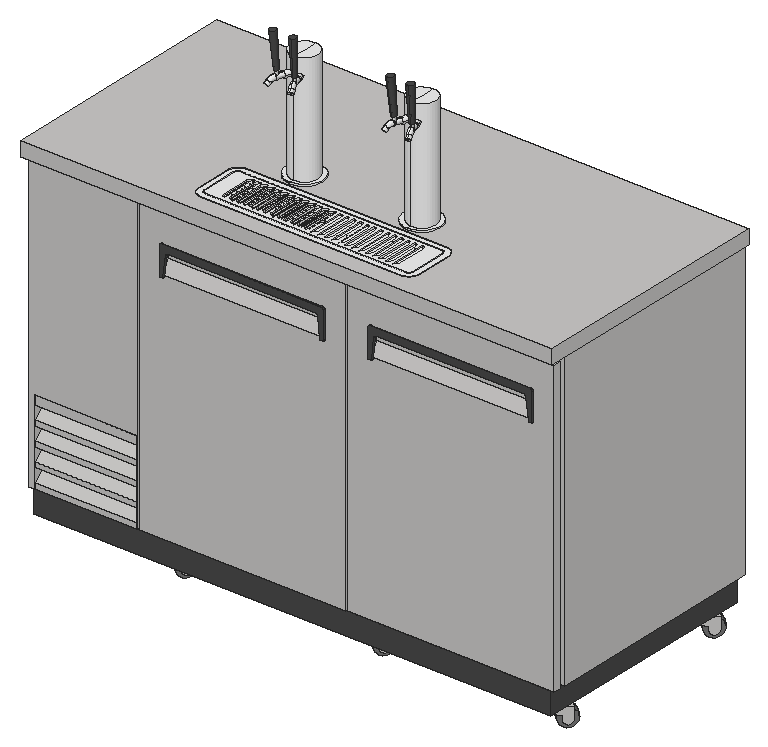
Revit family "QF_Turbo Air_TBD-2", category Specialty Equipment, Revit 2014 (continued)
Lines and regions (in)
  symbolic lines, style "QF_Clearances_Door_Drawer", detail levels coarse+medium
    curve 135: line (41.80927, -27.125, 5.5625) -> (41.80927, -48.375, 5.5625)
    curve 136: arc (41.80927, -48.375, 5.5625) -> (26.23144, -42.24159, 5.5625) -> (19.03587, -27.125, 5.5625) r 22.8125
Dimensions and locks (in)
  locked: plane 4 "RIGHT" to plane 3 "LEFT" at 58.75
  locked: plane 5 "FRONT" to plane 1 "BACK" at 27.125
  locked: plane 1 "BACK" to plane 6 "Bumber Back" at 2
  "CasterLeg Height": plane 7 "Bottom" to level
  locked: plane 8 "Counter Top" to plane 7 "Bottom" at 37
  locked: plane 8 "Counter Top" to plane 9 "Counter Bottom" at 1.5625
  locked: plane 10 "Vent Bottom" to plane 7 "Bottom" at 2.5625
  locked: Extrusion 1 sketch curve to plane 1 "BACK" at 0.625
  locked: plane 3 "LEFT" to Extrusion 1 sketch curve at 0.8125
  locked: Extrusion 1 sketch curve to plane 4 "RIGHT" at 0.8125
  locked: plane 3 "LEFT" to nested 1 at 3
  locked: nested 1 to plane 1 "BACK" at 3
  locked: nested 3 to plane 1 "BACK" at 3
  locked: nested 3 to plane 4 "RIGHT" at 3
  locked: plane 3 "LEFT" to nested 4 at 13.5625
  locked: nested 5 to plane 4 "RIGHT" at 3
  locked: plane 9 "Counter Bottom" to Extrusion 3 sketch curve at 3.9375  (x2)
  locked: Extrusion 3 sketch curve to plane 3 "LEFT" at 5.9375
  locked: plane 4 "RIGHT" to Extrusion 3 sketch curve at 5.9375
  locked: Extrusion 4 sketch curve to plane 7 "Bottom" at 2
  locked: plane 3 "LEFT" to plane 11 "Box Left" at 0.375
  locked: plane 5 "FRONT" to plane 14 "Doors Back" at 2.1875
  locked: plane 5 "FRONT" to plane 15 "Vents Front" at 0.75
  locked: plane 16 "Vent Top" to plane 10 "Vent Bottom" at 9.25
  locked: plane 5 "FRONT" to nested 7 at 3.875
  locked: plane 5 "FRONT" to nested 8 at 3.875
  plane 11 "Box Left" to plane 13 "Vents Right" = 1' - 0 3/16"
  locked: plane 17 "Box Right" to plane 4 "RIGHT" at 0.375
  locked: plane 11 "Box Left" to plane 12 "Vents Left" at 0.625
  locked: Extrusion 6 sketch curve to plane 13 "Vents Right" at 0.125
  locked: Extrusion 6 sketch curve to Extrusion 6 sketch curve at 0.125
  equal spacing: plane 3 "LEFT", plane 20 "Center Drain LR", plane 4 "RIGHT"
  locked: plane 21 "Center Drain FB" to plane 5 "FRONT" at 5.15625
  locked: plane 8 "Counter Top" to Extrusion 23 at 0.21974
  locked: nested 13 to plane 1 "BACK" at 3
  locked: plane 5 "FRONT" to nested 14 at 3.875
  equal spacing: plane 13 "Vents Right", nested 13, plane 17 "Box Right"
  equal spacing: plane 13 "Vents Right", nested 14, plane 17 "Box Right"
  locked: plane 22 "Door Clearance" to plane 1 "BACK" at 48.375
  locked: nested 10 to plane 20 "Center Drain LR" at 6.5
  locked: plane 20 "Center Drain LR" to nested 11 at 6.5
  locked: nested 10 to plane 21 "Center Drain FB" at 5.5
  locked: nested 11 to plane 21 "Center Drain FB" at 5.5
  equal spacing: plane 13 "Vents Right", Extrusion 4 sketch curve, plane 11 "Box Left"
  aligned and locked: level to plane 2
  aligned and locked: plane 10 "Vent Bottom" to Extrusion 1
  aligned and locked: nested 1 to nested 2
  aligned and locked: nested 2 to nested 1
  aligned and locked: nested 6 to nested 3  (x2)
  aligned and locked: nested 4 to nested 8
  aligned and locked: nested 8 to nested 4
  aligned and locked: nested 7 to nested 5  (x2)
  aligned and locked: plane 1 "BACK" to Extrusion 3
  aligned and locked: plane 3 "LEFT" to curve 2
  aligned and locked: curve 3 to plane 5 "FRONT"
  aligned and locked: plane 1 "BACK" to curve 1
  aligned and locked: curve 5 to Extrusion 3
  aligned and locked: curve 6 to Extrusion 3
  aligned and locked: nested 9 to plane 10 "Vent Bottom"
  aligned and locked: plane 1 "BACK" to Extrusion 5 sketch curve
  aligned and locked: plane 11 "Box Left" to Extrusion 5 sketch curve
  aligned and locked: Extrusion 5 sketch curve to plane 14 "Doors Back"
  aligned and locked: Extrusion 5 sketch curve to plane 17 "Box Right"
  aligned and locked: plane 9 "Counter Bottom" to Extrusion 5
  aligned and locked: plane 13 "Vents Right" to nested 9
  aligned and locked: plane 19 to nested 9
  aligned and locked: plane 10 "Vent Bottom" to Extrusion 6 sketch curve
  aligned and locked: Extrusion 6 sketch curve to plane 10 "Vent Bottom"
  aligned and locked: plane 11 "Box Left" to Extrusion 6 sketch curve
  aligned and locked: Extrusion 6 sketch curve to plane 16 "Vent Top"
  aligned and locked: Extrusion 6 sketch curve to plane 9 "Counter Bottom"
  aligned and locked: Extrusion 6 sketch curve to plane 12 "Vents Left"
  aligned and locked: plane 15 "Vents Front" to Extrusion 6
  aligned and locked: Extrusion 2 sketch curve to plane 16 "Vent Top"
  aligned and locked: Extrusion 2 to Extrusion 6
  aligned and locked: plane 3 "LEFT" to Extrusion 7 sketch curve
  aligned and locked: Extrusion 7 sketch curve to plane 5 "FRONT"
  aligned and locked: Extrusion 7 sketch curve to plane 4 "RIGHT"
  aligned and locked: plane 1 "BACK" to Extrusion 7 sketch curve
  aligned and locked: plane 8 "Counter Top" to Extrusion 7
  aligned and locked: nested 10 to plane 8 "Counter Top"
  aligned and locked: nested 11 to plane 8 "Counter Top"
  aligned and locked: plane 10 "Vent Bottom" to nested 12
  aligned and locked: plane 17 "Box Right" to nested 12
  aligned and locked: plane 18 to nested 12
  aligned and locked: plane 14 "Doors Back" to nested 12
  aligned and locked: nested 13 to nested 15
  aligned and locked: nested 15 to nested 13
  aligned and locked: nested 14 to nested 16
  aligned and locked: nested 16 to nested 14
  aligned and locked: Extrusion 63 to nested 9
  aligned and locked: Extrusion 62 to nested 9
Automatic sketch dimensions
  Extrusion 1 sketch curve to plane 5 "FRONT" = 0' - 0 13/16"
  Extrusion 10 sketch curve to Extrusion 10 sketch curve = 0' - 0.50913"
  Extrusion 11 sketch curve to Extrusion 11 sketch curve = 0' - 0.50913"
  Extrusion 12 sketch curve to Extrusion 12 sketch curve = 0' - 0.50913"
  Extrusion 13 sketch curve to Extrusion 13 sketch curve = 0' - 0.50913"
  Extrusion 14 sketch curve to Extrusion 14 sketch curve = 0' - 0.50913"
  Extrusion 15 sketch curve to Extrusion 15 sketch curve = 0' - 0.50913"
  Extrusion 16 sketch curve to Extrusion 16 sketch curve = 0' - 0.50913"
  Extrusion 17 sketch curve to Extrusion 17 sketch curve = 0' - 0.50913"
  Extrusion 18 sketch curve to Extrusion 18 sketch curve = 0' - 0.50913"
  Extrusion 19 sketch curve to Extrusion 19 sketch curve = 0' - 0.50913"
  Extrusion 20 sketch curve to Extrusion 20 sketch curve = 0' - 0.50913"
  Extrusion 21 sketch curve to Extrusion 21 sketch curve = 0' - 0.50913"
  Extrusion 22 sketch curve to Extrusion 22 sketch curve = 0' - 0.50913"
  Extrusion 23 sketch curve to Extrusion 23 sketch curve = 0' - 0.50913"
  Extrusion 10 sketch curve to Extrusion 10 sketch curve = 0' - 2.98061"
  Extrusion 11 sketch curve to Extrusion 11 sketch curve = 0' - 2.98061"
  Extrusion 12 sketch curve to Extrusion 12 sketch curve = 0' - 2.98061"
  Extrusion 13 sketch curve to Extrusion 13 sketch curve = 0' - 2.98061"
  Extrusion 14 sketch curve to Extrusion 14 sketch curve = 0' - 2.98061"
  Extrusion 15 sketch curve to Extrusion 15 sketch curve = 0' - 2.98061"
  Extrusion 16 sketch curve to Extrusion 16 sketch curve = 0' - 2.98061"
  Extrusion 17 sketch curve to Extrusion 17 sketch curve = 0' - 2.98061"
  Extrusion 18 sketch curve to Extrusion 18 sketch curve = 0' - 2.98061"
  Extrusion 19 sketch curve to Extrusion 19 sketch curve = 0' - 2.98061"
  Extrusion 20 sketch curve to Extrusion 20 sketch curve = 0' - 2.98061"
  Extrusion 21 sketch curve to Extrusion 21 sketch curve = 0' - 2.98061"
  Extrusion 22 sketch curve to Extrusion 22 sketch curve = 0' - 2.98061"
  Extrusion 23 sketch curve to Extrusion 23 sketch curve = 0' - 2.98061"
  Extrusion 24 sketch curve to Extrusion 24 sketch curve = 0' - 0.50913"
  Extrusion 25 sketch curve to Extrusion 25 sketch curve = 0' - 0.50913"
  Extrusion 26 sketch curve to Extrusion 26 sketch curve = 0' - 0.50913"
  Extrusion 27 sketch curve to Extrusion 27 sketch curve = 0' - 0.50913"
  Extrusion 28 sketch curve to Extrusion 28 sketch curve = 0' - 0.50913"
  Extrusion 29 sketch curve to Extrusion 29 sketch curve = 0' - 0.50913"
  Extrusion 30 sketch curve to Extrusion 30 sketch curve = 0' - 0.50913"
  Extrusion 31 sketch curve to Extrusion 31 sketch curve = 0' - 0.50913"
  Extrusion 32 sketch curve to Extrusion 32 sketch curve = 0' - 0.50913"
  Extrusion 33 sketch curve to Extrusion 33 sketch curve = 0' - 0.50913"
  Extrusion 34 sketch curve to Extrusion 34 sketch curve = 0' - 0.50913"
  Extrusion 35 sketch curve to Extrusion 35 sketch curve = 0' - 0.50913"
  Extrusion 36 sketch curve to Extrusion 36 sketch curve = 0' - 0.50913"
  Extrusion 37 sketch curve to Extrusion 37 sketch curve = 0' - 0.50913"
  Extrusion 24 sketch curve to Extrusion 24 sketch curve = 0' - 2.98061"
  Extrusion 25 sketch curve to Extrusion 25 sketch curve = 0' - 2.98061"
  Extrusion 26 sketch curve to Extrusion 26 sketch curve = 0' - 2.98061"
  Extrusion 27 sketch curve to Extrusion 27 sketch curve = 0' - 2.98061"
  Extrusion 28 sketch curve to Extrusion 28 sketch curve = 0' - 2.98061"
  Extrusion 29 sketch curve to Extrusion 29 sketch curve = 0' - 2.98061"
  Extrusion 30 sketch curve to Extrusion 30 sketch curve = 0' - 2.98061"
  Extrusion 31 sketch curve to Extrusion 31 sketch curve = 0' - 2.98061"
  Extrusion 32 sketch curve to Extrusion 32 sketch curve = 0' - 2.98061"
  Extrusion 33 sketch curve to Extrusion 33 sketch curve = 0' - 2.98061"
  Extrusion 34 sketch curve to Extrusion 34 sketch curve = 0' - 2.98061"
  Extrusion 35 sketch curve to Extrusion 35 sketch curve = 0' - 2.98061"
  Extrusion 36 sketch curve to Extrusion 36 sketch curve = 0' - 2.98061"
  Extrusion 37 sketch curve to Extrusion 37 sketch curve = 0' - 2.98061"
  Extrusion 8 sketch curve to Extrusion 8 sketch curve = 0' - 0"  (x8)
  plane 14 "Doors Back" to Extrusion 8 sketch curve = 0' - 0 3/16"
  Extrusion 8 sketch curve to plane 14 "Doors Back" = 0' - 0 7/16"
  Extrusion 8 sketch curve to Extrusion 8 sketch curve = 0' - 0 9/16"  (x2)
  Extrusion 8 sketch curve to plane 14 "Doors Back" = 0' - 1"
  plane 18 to Extrusion 8 sketch curve = 0' - 5 3/8"
  plane 21 "Center Drain FB" to Extrusion 8 sketch curve = 0' - 1 31/32"  (x2)
  Extrusion 8 sketch curve to plane 20 "Center Drain LR" = 0' - 11"
  Extrusion 9 sketch curve to plane 19 = 0' - 0"
  Extrusion 9 sketch curve to plane 20 "Center Drain LR" = 0' - 0"
  Extrusion 9 sketch curve to plane 21 "Center Drain FB" = 0' - 0"
  Extrusion 9 sketch curve to plane 14 "Doors Back" = 0' - 1 15/32"  (x5)
  Extrusion 9 sketch curve to Extrusion 9 sketch curve = 0' - 0"  (x43)
  plane 20 "Center Drain LR" to Extrusion 9 sketch curve = 0' - 0 3/4"
  Extrusion 9 sketch curve to plane 20 "Center Drain LR" = 0' - 0 1/4"
  plane 18 to Extrusion 9 sketch curve = 0' - 0 1/16"
  Extrusion 9 sketch curve to plane 14 "Doors Back" = 0' - 1"  (x2)
  Extrusion 9 sketch curve to plane 19 = 0' - 0 1/2"
  Extrusion 9 sketch curve to Extrusion 9 sketch curve = 0' - 0 1/2"  (x25)
  plane 20 "Center Drain LR" to Extrusion 9 sketch curve = 0' - 0 1/4"
  Extrusion 9 sketch curve to plane 14 "Doors Back" = 0' - 0 1/2"
  plane 21 "Center Drain FB" to Extrusion 9 sketch curve = 0' - 1 1/2"  (x4)
  Extrusion 9 sketch curve to Extrusion 9 sketch curve = 0' - 0 15/32"  (x2)
  Extrusion 9 sketch curve to Extrusion 9 sketch curve = 0' - 0 1/4"  (x22)
  Extrusion 9 sketch curve to Extrusion 9 sketch curve = 0' - 1 1/4"  (x2)
  curve 12 to curve 21 = 0' - 0"  (x2)
  curve 14 to curve 27 = 0' - 0"  (x2)
  curve 16 to curve 29 = 0' - 0"  (x2)
  curve 18 to curve 19 = 0' - 0"  (x2)
  curve 83 to curve 84 = 0' - 0"  (x2)
  curve 129 to plane 19 = 0' - 0"
  curve 83 to plane 20 "Center Drain LR" = 0' - 0"
  curve 83 to plane 21 "Center Drain FB" = 0' - 0"
  curve 104 to plane 14 "Doors Back" = 0' - 1 15/32"
  curve 70 to plane 14 "Doors Back" = 0' - 1 15/32"
  curve 104 to curve 108 = 0' - 0"
  curve 132 to plane 19 = 0' - 0 1/2"
  curve 132 to plane 14 "Doors Back" = 0' - 1 15/32"
  curve 67 to curve 71 = 0' - 0"
  curve 112 to plane 14 "Doors Back" = 0' - 1 15/32"
  curve 35 to plane 14 "Doors Back" = 0' - 1 15/32"
  curve 66 to curve 70 = 0' - 0"
  curve 113 to curve 112 = 0' - 0"
  curve 62 to curve 66 = 0' - 0"
  curve 71 to curve 75 = 0' - 0"
  curve 92 to plane 14 "Doors Back" = 0' - 1 15/32"
  curve 34 to curve 35 = 0' - 0"
  plane 20 "Center Drain LR" to curve 58 = 0' - 0 1/4"
  curve 58 to curve 62 = 0' - 0"
  curve 121 to curve 116 = 0' - 0"
  curve 79 to curve 132 = 0' - 0"
  plane 18 to curve 128 = 0' - 0 1/16"
  curve 129 to curve 128 = 0' - 0"
  curve 54 to plane 20 "Center Drain LR" = 0' - 0 1/4"
  curve 54 to curve 58 = 0' - 0"
  curve 108 to curve 23 = 0' - 0"
  curve 100 to curve 101 = 0' - 0"
  curve 50 to curve 54 = 0' - 0"
  curve 92 to curve 93 = 0' - 0"
  curve 117 to curve 116 = 0' - 0"
  curve 85 to curve 89 = 0' - 0"
  curve 46 to curve 47 = 0' - 0"
  curve 42 to curve 43 = 0' - 0"
  curve 29 to plane 14 "Doors Back" = 0' - 1"
  curve 20 to plane 14 "Doors Back" = 0' - 1"
  curve 33 to curve 34 = 0' - 0 1/2"
  curve 37 to curve 38 = 0' - 0 1/2"
  curve 95 to curve 96 = 0' - 0 1/2"
  curve 91 to curve 92 = 0' - 0 1/2"
  curve 107 to curve 108 = 0' - 0 1/2"
  curve 69 to curve 70 = 0' - 0 1/2"
  curve 119 to curve 120 = 0' - 0 1/2"
  curve 41 to curve 42 = 0' - 0 1/2"
  curve 123 to curve 124 = 0' - 0 1/2"
  curve 87 to curve 88 = 0' - 0 1/2"
  curve 45 to curve 46 = 0' - 0 1/2"
  curve 25 to curve 26 = 0' - 0 1/2"
  curve 49 to curve 50 = 0' - 0 1/2"
  curve 99 to curve 100 = 0' - 0 1/2"
  curve 81 to curve 82 = 0' - 0 1/2"
  curve 53 to curve 54 = 0' - 0 1/2"
  curve 127 to curve 128 = 0' - 0 1/2"
  curve 115 to curve 116 = 0' - 0 1/2"
  curve 54 to curve 57 = 0' - 0"
  curve 103 to curve 104 = 0' - 0 1/2"
  curve 77 to curve 78 = 0' - 0 1/2"
  curve 61 to curve 62 = 0' - 0 1/2"
  curve 65 to curve 66 = 0' - 0 1/2"
  curve 73 to curve 74 = 0' - 0 1/2"
  curve 111 to curve 112 = 0' - 0 1/2"
  curve 30 to plane 14 "Doors Back" = 0' - 0 7/16"
  plane 14 "Doors Back" to curve 17 = 0' - 0 3/16"
  plane 21 "Center Drain FB" to curve 64 = 0' - 1 1/2"
  plane 21 "Center Drain FB" to curve 114 = 0' - 1 1/2"
  plane 21 "Center Drain FB" to curve 75 = 0' - 1 1/2"
  curve 114 to curve 110 = 0' - 0"
  curve 71 to curve 76 = 0' - 0"
  plane 21 "Center Drain FB" to curve 56 = 0' - 1 1/2"
  curve 75 to curve 79 = 0' - 0"
  curve 52 to curve 56 = 0' - 0"
  curve 117 to curve 114 = 0' - 0"
  curve 67 to curve 72 = 0' - 0"
  curve 59 to curve 64 = 0' - 0"
  plane 21 "Center Drain FB" to curve 85 = 0' - 1 1/2"
  curve 48 to curve 52 = 0' - 0"
  curve 44 to curve 47 = 0' - 0"
  curve 86 to curve 89 = 0' - 0"
  curve 40 to curve 43 = 0' - 0"
  curve 36 to curve 39 = 0' - 0"
  curve 121 to curve 118 = 0' - 0"
  curve 90 to curve 93 = 0' - 0"
  plane 21 "Center Drain FB" to curve 106 = 0' - 1 1/2"
  curve 32 to curve 35 = 0' - 0"
  curve 94 to curve 97 = 0' - 0"
  curve 24 to curve 31 = 0' - 0"
  curve 125 to curve 122 = 0' - 0"
  curve 98 to curve 101 = 0' - 0"
  curve 129 to curve 126 = 0' - 0"
  curve 110 to curve 14 = 0' - 0 15/32"
  plane 21 "Center Drain FB" to curve 13 = 0' - 1 31/32"
  curve 12 to curve 22 = 0' - 0 9/16"
  curve 124 to curve 125 = 0' - 0 1/4"
  curve 119 to curve 121 = 0' - 0 1/4"
  curve 114 to curve 118 = 0' - 0 1/4"
  curve 110 to curve 114 = 0' - 0 1/4"
  curve 22 to curve 110 = 0' - 1 1/4"
  curve 130 to curve 79 = 0' - 0 1/4"
  curve 82 to curve 75 = 0' - 0 1/4"
  curve 76 to curve 71 = 0' - 0 1/4"
  curve 72 to curve 67 = 0' - 0 1/4"
  curve 70 to curve 63 = 0' - 0 1/4"
  curve 66 to curve 59 = 0' - 0 1/4"
  curve 52 to curve 48 = 0' - 0 1/4"
  curve 47 to curve 46 = 0' - 0 1/4"
  curve 46 to curve 41 = 0' - 0 1/4"
  curve 39 to curve 37 = 0' - 0 1/4"
  curve 35 to curve 32 = 0' - 0 1/4"
  curve 31 to curve 26 = 0' - 0 1/4"
  curve 23 to curve 108 = 0' - 0 1/4"
  curve 105 to curve 104 = 0' - 0 1/4"
  curve 101 to curve 99 = 0' - 0 1/4"
  curve 97 to curve 95 = 0' - 0 1/4"
  curve 93 to curve 91 = 0' - 0 1/4"
  curve 92 to curve 87 = 0' - 0 1/4"
  curve 85 to curve 30 = 0' - 1 1/4"
  curve 84 to plane 21 "Center Drain FB" = 0' - 0 3/16"
  Extrusion 38 sketch curve to Extrusion 38 sketch curve = 0' - 0.50913"
  Extrusion 38 sketch curve to Extrusion 38 sketch curve = 0' - 2.98061"
  Extrusion 39 sketch curve to Extrusion 39 sketch curve = 0' - 0.50913"
  Extrusion 39 sketch curve to Extrusion 39 sketch curve = 0' - 2.98061"
  Extrusion 40 sketch curve to Extrusion 40 sketch curve = 0' - 0.50913"
  Extrusion 40 sketch curve to Extrusion 40 sketch curve = 0' - 2.98061"
  Extrusion 41 sketch curve to Extrusion 41 sketch curve = 0' - 0.50913"
  Extrusion 41 sketch curve to Extrusion 41 sketch curve = 0' - 2.98061"
  Extrusion 42 sketch curve to Extrusion 42 sketch curve = 0' - 0.50913"
  Extrusion 42 sketch curve to Extrusion 42 sketch curve = 0' - 2.98061"
  Extrusion 43 sketch curve to Extrusion 43 sketch curve = 0' - 0.50913"
  Extrusion 43 sketch curve to Extrusion 43 sketch curve = 0' - 2.98061"
  Extrusion 44 sketch curve to Extrusion 44 sketch curve = 0' - 0.50913"
  Extrusion 44 sketch curve to Extrusion 44 sketch curve = 0' - 2.98061"
  Extrusion 45 sketch curve to Extrusion 45 sketch curve = 0' - 0.50913"
  Extrusion 45 sketch curve to Extrusion 45 sketch curve = 0' - 2.98061"
  Extrusion 46 sketch curve to Extrusion 46 sketch curve = 0' - 0.50913"
  Extrusion 46 sketch curve to Extrusion 46 sketch curve = 0' - 2.98061"
  Extrusion 47 sketch curve to Extrusion 47 sketch curve = 0' - 0.50913"
  Extrusion 47 sketch curve to Extrusion 47 sketch curve = 0' - 2.98061"
  Extrusion 48 sketch curve to Extrusion 48 sketch curve = 0' - 0.50913"
  Extrusion 48 sketch curve to Extrusion 48 sketch curve = 0' - 2.98061"
  Extrusion 49 sketch curve to Extrusion 49 sketch curve = 0' - 0.50913"
  Extrusion 49 sketch curve to Extrusion 49 sketch curve = 0' - 2.98061"
  Extrusion 2 sketch curve to plane 15 "Vents Front" = 0' - 0"  (x5)
  Extrusion 2 sketch curve to plane 10 "Vent Bottom" = 0' - 0"
  Extrusion 2 sketch curve to plane 15 "Vents Front" = 0' - 0 1/16"  (x5)
  Extrusion 2 sketch curve to Extrusion 2 sketch curve = 0' - 0 5/16"  (x4)
  Extrusion 2 sketch curve to plane 15 "Vents Front" = 0' - 0.46339"
  Extrusion 2 sketch curve to Extrusion 2 sketch curve = 0' - 0 1/2"
  plane 14 "Doors Back" to Extrusion 2 sketch curve = 0' - 0.15587"  (x4)
  Extrusion 2 sketch curve to Extrusion 2 sketch curve = 0' - 0.04419"  (x4)
  plane 10 "Vent Bottom" to Extrusion 2 sketch curve = 0' - 0 1/16"
  Extrusion 2 sketch curve to Extrusion 2 sketch curve = 0' - 0.47411"  (x4)
  Extrusion 2 sketch curve to Extrusion 2 sketch curve = 0' - 0.02589"  (x4)
  Extrusion 2 sketch curve to Extrusion 2 sketch curve = 0' - 0.28087"
  Extrusion 2 sketch curve to Extrusion 2 sketch curve = 0' - 0 1/16"  (x4)
  Extrusion 2 sketch curve to Extrusion 2 sketch curve = 0' - 0.21837"  (x2)
  Extrusion 2 sketch curve to Extrusion 2 sketch curve = 0' - 0 15/16"
  Extrusion 2 sketch curve to plane 16 "Vent Top" = 0' - 0.40089"
  curve 1 to plane 4 "RIGHT" = 0' - 0"
  curve 10 to plane 17 "Box Right" = 0' - 4 3/4"
  curve 6 to curve 9 = 0' - 1 5/8"
  plane 12 "Vents Left" to curve 5 = 0' - 5 3/4"
  curve 5 to curve 7 = 0' - 1 5/8"
  plane 14 "Doors Back" to Extrusion 7 sketch curve = 0' - 0 3/16"
  Extrusion 7 sketch curve to plane 14 "Doors Back" = 0' - 1"  (x2)
  plane 21 "Center Drain FB" to Extrusion 7 sketch curve = 0' - 1 31/32"  (x2)
  Extrusion 7 sketch curve to Extrusion 7 sketch curve = 0' - 1 3/16"
  plane 18 to Extrusion 7 sketch curve = 0' - 6"
  plane 13 "Vents Right" to Extrusion 7 sketch curve = 0' - 5 13/16"
  curve 133 to plane 13 "Vents Right" = 0' - 0"
  plane 22 "Door Clearance" to curve 133 = 0' - 0"
  curve 136 to plane 17 "Box Right" = 0' - 0"
  plane 22 "Door Clearance" to curve 136 = 0' - 0"
  plane 15 "Vents Front" to curve 135 = 0' - 0 3/4"
  plane 15 "Vents Front" to curve 134 = 0' - 0 3/4"
  plane 15 "Vents Front" to curve 133 = 0' - 0 3/4"
  plane 15 "Vents Front" to curve 136 = 0' - 0 3/4"
  plane 18 to curve 136 = 0' - 0.0391"
  curve 134 to plane 19 = 0' - 0.0391"
  plane 13 "Vents Right" to curve 134 = 0' - 0.01447"
  curve 136 to plane 17 "Box Right" = 0' - 0.01447"
  plane 22 "Door Clearance" to Extrusion 62 sketch curve = 0' - 0"
  plane 15 "Vents Front" to Extrusion 62 sketch curve = 0' - 0"
  Extrusion 62 sketch curve to plane 17 "Box Right" = 0' - 0"
  Extrusion 62 sketch curve to plane 18 = 0' - 0"
  Extrusion 62 sketch curve to plane 17 "Box Right" = 0' - 0.01447"
  plane 22 "Door Clearance" to Extrusion 63 sketch curve = 0' - 0"
  plane 15 "Vents Front" to Extrusion 63 sketch curve = 0' - 0"
  Extrusion 63 sketch curve to plane 19 = 0' - 0"
  Extrusion 63 sketch curve to plane 13 "Vents Right" = 0' - 0"
  plane 13 "Vents Right" to Extrusion 63 sketch curve = 0' - 0.01447"
  radius of Extrusion 3 sketch curve = 0' - 0 13/16"  (x2)
  radius of Extrusion 4 sketch curve = 0' - 0 1/4"
  radius of Extrusion 9 sketch curve = 0' - 0 3/16"
Nested families (in)
  nested 1: "FESCasterLeg2014" at (-13.56573, -3, 0), Casters <- "4 inch Casters", Legs <- "6 inch Legs", Height <- "CasterLeg Height", type "FESCasterLeg2014"
    with Legs no, Height 0' - 3", Casters no, Caster Radius 0' - 1"
  nested 2: "FES3Caster-2014" at (-13.56573, -3, 0), visible <- "2 inch Casters", type "FES3Caster"
  nested 3: "FESCasterLeg2014" at (39.18427, -3, 0), Casters <- "4 inch Casters", Legs <- "6 inch Legs", Height <- "CasterLeg Height", type "FESCasterLeg2014"
    with Legs no, Height 0' - 3", Casters no, Caster Radius 0' - 1"
  nested 4: "FESCasterLeg2014" at (-3.00323, -23.25, 0), Casters <- "4 inch Casters", Legs <- "6 inch Legs", Height <- "CasterLeg Height", type "FESCasterLeg2014"
    with Legs no, Height 0' - 3", Casters no, Caster Radius 0' - 1"
  nested 5: "FESCasterLeg2014" at (39.18427, -23.25, 0), Casters <- "4 inch Casters", Legs <- "6 inch Legs", Height <- "CasterLeg Height", type "FESCasterLeg2014"
    with Legs no, Height 0' - 3", Casters no, Caster Radius 0' - 1"
  nested 6: "FES3Caster-2014" at (39.18427, -3, 0), visible <- "2 inch Casters", type "FES3Caster"
  nested 7: "FES3Caster-2014" at (39.18427, -23.25, 0), visible <- "2 inch Casters", type "FES3Caster"
  nested 8: "FES3Caster-2014" at (-3.00323, -23.25, 0), visible <- "2 inch Casters", type "FES3Caster"
  nested 9: "QF_Turbo Air_UC-Solid Door" at (12.5625, -24.9375, 5.5625), Door Material <- "Body Material", type "QF_Turbo Air_UC-Solid Door"
    with Width 1' - 10 13/16", Symbolic Lines no, Height 2' - 8 5/16", Handle Distance 0' - 2 3/8", Door Material QF_Stainless-Polished
  nested 10: "FES_TA Double Tap" at (6.30927, -16.46875, 40), type "FES_TA Double Tap"
  nested 11: "FES_TA Double Tap" at (19.30927, -16.46875, 40), type "FES_TA Double Tap"
  nested 12: "QF_Turbo Air_UC-Solid Door" at (25.24355, -24.9375, 5.5625) x (-1, 0, 0) z (0, 0, 1), Door Material <- "Body Material", type "QF_Turbo Air_UC-Solid Door"
    with Width 1' - 10 13/16", Symbolic Lines no, Height 2' - 8 5/16", Handle Distance 0' - 2 3/8", Door Material QF_Stainless-Polished
  nested 13: "FES3Caster-2014" at (18.90302, -3, 0), visible <- "2 inch Casters", type "FES3Caster"
  nested 14: "FES3Caster-2014" at (18.90302, -23.25, 0), visible <- "2 inch Casters", type "FES3Caster"
  nested 15: "FESCasterLeg2014" at (18.90302, -3, 0), Casters <- "4 inch Casters", Legs <- "6 inch Legs", Height <- "CasterLeg Height", type "FESCasterLeg2014"
    with Legs no, Height 0' - 3", Casters no, Caster Radius 0' - 1"
  nested 16: "FESCasterLeg2014" at (18.90302, -23.25, 0), Casters <- "4 inch Casters", Legs <- "6 inch Legs", Height <- "CasterLeg Height", type "FESCasterLeg2014"
    with Legs no, Height 0' - 3", Casters no, Caster Radius 0' - 1"
Connectors (in)
  electrical at (-10.09698, -0.5625, 5), driven by "Number of Poles", driven by "Volts", driven by "Apparent Power"
    settings: on Extrusion 4, index 1, voltage 115 V, apparent load 805 VA, apparent load phase1 0 VA, apparent load phase2 0 VA, apparent load phase3 0 VA, power factor 1, load classification "Other", number of poles 1, system type 30, power factor state 1, is connector primary yes, connector utility no, sub classification motor no, connector description "Electric"
Definition of nested family "FES3Caster-2014"
  Parameters (values of type "FES3Caster-2014")
    Watermarked By = "http://revitwatermark.com"
    Type Comments = ""
    Assembly Code = ""
  Reference planes (in)
    plane 1 "Center (Front/Back)": y = 0
    plane 2: z = 0
    plane 3 "Center (Left/Right)": x = 0
    plane 4: z = 3
    plane 5: z = 2.5
  Forms (in)
    Extrusion 1, solid, material "QF_Stainless-Polished-Brushed"
      sketch origin (-24.12131, -22.88887, 10.18833) x (0.707107, 0.707107, 0) y (0, 0, 1)
        loop
          line (34.98772, -9.18833) -> (34.98772, -7.93833) -> (34.48772, -7.93833) -> (34.39402, -7.68833) -> (32.39402, -7.68833) -> (32.39402, -8.43833) -> (33.98772, -8.84206) -> (33.98772, -9.18833)
          arc (33.98772, -9.18833) -> (34.48772, -9.68833) -> (34.98772, -9.18833) r 0.5
      from 0 to 1.75
    Extrusion 2, solid, material "QF_Rubber-Black"
      sketch origin (-24.32327, -23.09083, 13.31461) x (0.707107, 0.707107, 0) y (0, 0, 1)
        loop
          circle (34.77334, -12.31461) r 1
      from 0.375 to 1.375
    Extrusion 3, solid, material "QF_Stainless-Polished-Brushed"
      sketch origin (-7.24148, -8.48391, 0) x (0.707107, 0.707107, 0) y (0, 0, 1)
        loop
          line (10.61603, 2.5) -> (11.61603, 2.5) -> (11.61603, 3) -> (10.61603, 3) -> (10.61603, 2.5)
      from 0 to -1.75
  Lines and regions (in)
    symbolic lines, style "QF_Hidden Details"
      curve 1: line (-1.26158, -0.51911, 0) -> (1.39007, 2.13254, 0)
      curve 2: line (-0.53429, -1.24639, 0) -> (2.11736, 1.40526, 0)
      curve 3: line (-1.26158, -0.51911, 0) -> (1.39007, 2.13254, 0)
      curve 4: line (-0.53429, -1.24639, 0) -> (2.11736, 1.40526, 0)
  Dimensions and locks (in)
    locked: plane 4 to plane 5 at 0.5
    plane 4 to level = 0' - 3"
    Extrusion 2 sketch curve to level = 0' - 1"
    Extrusion 1 sketch curve to level = 0' - 1"
    radius of Extrusion 2 sketch curve = 0' - 1"
    aligned and locked: plane 2 to level
    aligned and locked: Extrusion 3 to plane 5
    aligned and locked: plane 4 to Extrusion 3
    aligned and locked: plane 5 to Extrusion 1
Definition of nested family "QF_Turbo Air_UC-Solid Door"
  Parameters (values of type "QF_Turbo Air_UC-Solid Door")
    Width [instance] = 1' - 10 13/16"
    Watermarked By = ""
    URL = "www.turboairinc.com"
    Symbolic Lines [instance] = yes
    Manufacturer = "Turbo Air"  # constant formula
    Height [instance] = 2' - 8 5/16"
    Handle Distance [instance] = 0' - 2 3/8"
    Door Material [instance] = QF_Stainless-Polished
  Reference planes (in)
    plane 1 "BACK": y = 0
    plane 2: z = 0
    plane 3 "LEFT": x = -16.56573
    plane 4 "RIGHT": x = 6.24677
    plane 5 "Handle Right": x = 3.87177
    plane 6: x = 3.68427
    plane 7 "Handle Left": x = -14.25323
    plane 8: x = -14.06573
    plane 9 "Door Back": y = -0.625
    plane 10 "FRONT": y = -1.4375
    plane 11 "TOP": z = 32.3125
    plane 12 "Handle Top": z = 29.25
    plane 13 "Handle Bottom": z = 25.875
    plane 14: z = 29.0625
    plane 15: z = 26.0625
  Forms (in)
    Extrusion 1, solid, material "QF_Plastic-Black-Matte"
      sketch origin (0, 0, 0) x (1, 0, 0) y (0, 0, 1)
        loop
          line (-14.69073, 29.75) -> (-14.69073, 1.875) -> (4.37177, 1.875) -> (4.37177, 29.75) -> (-14.69073, 29.75)
      from 0 to 0.625
    Extrusion 2, solid, material "QF_Stainless-Polished" <- "Door Material"
      sketch origin (0, -0.625, 0) x (1, 0, 0) y (0, 0, 1)
        loop
          line (-16.56573, 32.3125) -> (-16.56573, 0) -> (6.24677, 0) -> (6.24677, 32.3125) -> (-16.56573, 32.3125)
        loop
          line (-14.06573, 29.0625) -> (-14.06573, 26.0625) -> (3.68427, 26.0625) -> (3.68427, 29.0625) -> (-14.06573, 29.0625)
      from 0 to 0.8125
    Extrusion 3, solid, material "QF_Stainless-Polished" <- "Door Material"
      sketch origin (-14.25323, 0, 0) x (0, 1, 0) y (0, 0, 1)
        loop
          line (-1.4375, 26.0625) -> (-0.625, 26.0625) -> (-0.625, 29.0625) -> (-0.6875, 29.0625) -> (-0.6875, 27.44712) -> (-1.4375, 26.0625)
      from 0.1875 to 17.9375
    Extrusion 4, solid, material "QF_Plastic-Black-Matte"
      sketch origin (0, -1.4375, 0) x (1, 0, 0) y (0, 0, 1)
        loop
          line (-14.25323, 29) -> (-14.25323, 25.9375)
          arc (-14.25323, 25.9375) -> (-14.23492, 25.89331) -> (-14.19073, 25.875) r 0.0625
          line (-14.19073, 25.875) -> (-13.93357, 25.875)
          arc (-13.93357, 25.875) -> (-13.89213, 25.89071) -> (-13.87153, 25.92993) r 0.0625
          line (-13.87153, 25.92993) -> (-13.58582, 28.2727)
          arc (-13.58582, 28.2727) -> (-13.524, 28.39038) -> (-13.3997, 28.4375) r 0.1875
          line (-13.3997, 28.4375) -> (3.01825, 28.4375)
          arc (3.01825, 28.4375) -> (3.14255, 28.39038) -> (3.20437, 28.2727) r 0.1875
          line (3.20437, 28.2727) -> (3.49008, 25.92993)
          arc (3.49008, 25.92993) -> (3.51068, 25.89071) -> (3.55212, 25.875) r 0.0625
          line (3.55212, 25.875) -> (3.80927, 25.875)
          arc (3.80927, 25.875) -> (3.85347, 25.89331) -> (3.87177, 25.9375) r 0.0625
          line (3.87177, 25.9375) -> (3.87177, 29)
          arc (3.87177, 29) -> (3.79855, 29.17678) -> (3.62177, 29.25) r 0.25
          line (3.62177, 29.25) -> (-14.00323, 29.25)
          arc (-14.00323, 29.25) -> (-14.18, 29.17678) -> (-14.25323, 29) r 0.25
      from 0 to 0.125
  Lines and regions (in)
    symbolic lines, visible <- "Symbolic Lines"
      curve 1: line (-16.56573, -0.625, 0) -> (6.24677, -0.625, 0)
      curve 2: line (-16.56573, -1.4375, 0) -> (-16.56573, -0.625, 0)
      curve 3: line (6.24677, -1.4375, 0) -> (-16.56573, -1.4375, 0)
      curve 4: line (6.24677, -0.625, 0) -> (6.24677, -1.4375, 0)
      curve 5: line (-14.69073, 0, 0) -> (-14.69073, -0.625, 0)
      curve 6: line (4.37177, -0.625, 0) -> (4.37177, 0, 0)
      curve 7: line (4.37177, 0, 0) -> (-14.69073, 0, 0)
  Dimensions and locks (in)
    "Width": plane 4 "RIGHT" to plane 3 "LEFT"
    "Handle Distance": plane 5 "Handle Right" to plane 4 "RIGHT"
    locked: plane 6 to plane 5 "Handle Right" at 0.1875
    locked: plane 7 "Handle Left" to plane 8 at 0.1875
    locked: plane 7 "Handle Left" to plane 5 "Handle Right" at 18.125
    locked: plane 9 "Door Back" to plane 1 "BACK" at 0.625
    locked: plane 10 "FRONT" to plane 9 "Door Back" at 0.8125
    "Height": plane 11 "TOP" to plane 2
    locked: plane 11 "TOP" to plane 12 "Handle Top" at 3.0625
    locked: plane 12 "Handle Top" to plane 13 "Handle Bottom" at 3.375
    locked: plane 12 "Handle Top" to plane 14 at 0.1875
    locked: plane 15 to plane 13 "Handle Bottom" at 0.1875
    locked: Extrusion 1 sketch curve to plane 3 "LEFT" at 1.875
    locked: plane 11 "TOP" to Extrusion 1 sketch curve at 2.5625
    locked: Extrusion 1 sketch curve to plane 4 "RIGHT" at 1.875
    locked: Extrusion 1 sketch curve to level at 1.875
    locked: Extrusion 3 sketch curve to plane 9 "Door Back" at 0.0625
    locked: Extrusion 3 sketch curve to plane 15 at 1.38462
    locked: plane 12 "Handle Top" to Extrusion 4 sketch curve at 0.8125
    locked: Extrusion 4 sketch curve to plane 13 "Handle Bottom" at 2.3977  (x2)
    locked: Extrusion 4 sketch curve to plane 7 "Handle Left" at 0.6674
    locked: Extrusion 4 sketch curve to plane 7 "Handle Left" at 0.85352
    locked: plane 5 "Handle Right" to Extrusion 4 sketch curve at 0.6674
    locked: plane 5 "Handle Right" to Extrusion 4 sketch curve at 0.85352
    aligned and locked: level to plane 2
    aligned and locked: plane 9 "Door Back" to Extrusion 1
    aligned and locked: Extrusion 2 sketch curve to plane 11 "TOP"
    aligned and locked: plane 3 "LEFT" to Extrusion 2 sketch curve
    aligned and locked: level to Extrusion 2 sketch curve
    aligned and locked: Extrusion 2 sketch curve to plane 4 "RIGHT"
    aligned and locked: Extrusion 2 sketch curve to plane 14
    aligned and locked: plane 8 to Extrusion 2 sketch curve
    aligned and locked: plane 15 to Extrusion 2 sketch curve
    aligned and locked: Extrusion 2 sketch curve to plane 6
    aligned and locked: plane 10 "FRONT" to Extrusion 2
    aligned and locked: plane 15 to Extrusion 3 sketch curve
    aligned and locked: plane 9 "Door Back" to Extrusion 3 sketch curve
    aligned and locked: Extrusion 3 to plane 8
    aligned and locked: plane 6 to Extrusion 3
    aligned and locked: Extrusion 3 sketch curve to plane 14
    aligned and locked: Extrusion 4 sketch curve to plane 12 "Handle Top"
    aligned and locked: Extrusion 4 sketch curve to plane 7 "Handle Left"
    aligned and locked: Extrusion 4 sketch curve to plane 13 "Handle Bottom"
    aligned and locked: plane 13 "Handle Bottom" to Extrusion 4 sketch curve
    aligned and locked: Extrusion 4 sketch curve to plane 5 "Handle Right"
    aligned and locked: plane 9 "Door Back" to curve 1
    aligned and locked: plane 3 "LEFT" to curve 2
    aligned and locked: curve 3 to plane 10 "FRONT"
    aligned and locked: curve 4 to plane 4 "RIGHT"
    aligned and locked: curve 5 to Extrusion 1
    aligned and locked: curve 6 to Extrusion 1
    aligned and locked: curve 7 to Extrusion 1
  Automatic sketch dimensions
    Extrusion 3 sketch curve to plane 10 "FRONT" = 0' - 0"
    plane 7 "Handle Left" to Extrusion 4 sketch curve = 0' - 0 1/16"
    plane 8 to Extrusion 4 sketch curve = 0' - 0 1/16"
    plane 13 "Handle Bottom" to Extrusion 4 sketch curve = 0' - 0 1/16"  (x2)
    plane 8 to Extrusion 4 sketch curve = 0' - 0.13216"
    plane 13 "Handle Bottom" to Extrusion 4 sketch curve = 0' - 0.05493"  (x2)
    Extrusion 4 sketch curve to plane 6 = 0' - 0.1942"
    Extrusion 4 sketch curve to plane 6 = 0' - 0 1/16"
    Extrusion 4 sketch curve to plane 5 "Handle Right" = 0' - 0 1/16"
Definition of nested family "FES_TA Double Tap"
  Reference planes (in)
    plane 1 "BACK": y = 0
    plane 2: z = 0
    plane 3 "LEFT": x = 0
  Forms (in)
    Revolve 1, solid, material "QF_Steel-Chrome Plated"
      sketch origin (0, 5.875, -37.75) x (0, 1, 0) y (0, 0, 1)
        loop
          line (-5.875, 37.75) -> (-5.875, 50.125) -> (-7.375, 50.125) -> (-7.375, 37.875) -> (-7.875, 37.875) -> (-7.875, 37.75) -> (-5.875, 37.75)
        axis (-5.875, 37.75) -> (-5.875, 50.125)
      angle from 0 to 360
    Extrusion 2, solid, material "QF_Steel-Chrome Plated"
      sketch origin (14.85189, 5.16614, -37.75) x (-0.940628, -0.33944, 0) y (0, 0, 1)
        loop
          circle (15.6935, 48.27885) r 0.3125
      from -1 to -1.875
    Sweep 3, solid, material "QF_Steel-Chrome Plated"
      path origin (-1.90406, 5.36533, -37.75) x (-0.33944, 0.940628, 0) y (0, 0, 1)
        loop
          line (-7.75, 48.27885) -> (-8.68934, 48.27885)
          arc (-8.68934, 48.27885) -> (-8.97635, 48.22176) -> (-9.21967, 48.05918) r 0.75
          line (-9.21967, 48.05918) -> (-9.5, 47.77885)
      profile origin (0.88602, -2.36632, 10.52885) x (0, 0, -1) y (0.940628, 0.33944, 0)
        loop
          circle (0, 0) r 0.25
        loop
          circle (0, 0) r 0.21875
    Blend 4, solid, material "QF_Plastic-Black-Fine Textured"
      base sketch origin (12.86858, 10.66213, 11.11038) x (-0.338148, 0.937048, 0.087156) y (-0.940628, -0.33944, 0)
        loop
          circle (-8.4375, 15.6935) r 0.25
      top sketch origin (12.86858, 10.66213, 11.11038) x (-0.338148, 0.937048, 0.087156) y (-0.940628, -0.33944, 0)
        loop
          circle (-8.4375, 15.6935) r 0.375
      from 0.875 to 4.875
    Extrusion 5, solid, material "QF_Steel-Chrome Plated"
      sketch origin (12.86858, 10.66213, 11.11038) x (-0.338148, 0.937048, 0.087156) y (-0.940628, -0.33944, 0)
        loop
          circle (-8.4375, 15.6935) r 0.12614
      from 0 to 0.875
    Extrusion 6, solid, material "QF_Steel-Chrome Plated"
      sketch origin (14.63661, -5.56939, -37.75) x (-0.93875, 0.344598, 0) y (0, 0, 1)
        loop
          circle (15.6935, 48.27885) r 0.3125
      from -1 to -1.875
    Sweep 7, solid, material "QF_Steel-Chrome Plated"
      path origin (1.92885, 5.35372, -37.75) x (0.344598, 0.93875, 0) y (0, 0, 1)
        loop
          line (-7.75, 48.27885) -> (-8.68934, 48.27885)
          arc (-8.68934, 48.27885) -> (-8.97635, 48.22176) -> (-9.21967, 48.05918) r 0.75
          line (-9.21967, 48.05918) -> (-9.5, 47.77885)
      profile origin (-0.90364, -2.3625, 10.52885) x (0, 0, -1) y (0.93875, -0.344598, 0)
        loop
          circle (0, 0) r 0.25
        loop
          circle (0, 0) r 0.21875
    Blend 8, solid, material "QF_Plastic-Black-Fine Textured"
      base sketch origin (16.65006, -0.08438, 11.11038) x (0.343287, 0.935178, 0.087156) y (-0.93875, 0.344598, 0)
        loop
          circle (-8.4375, 15.6935) r 0.25
      top sketch origin (16.65006, -0.08438, 11.11038) x (0.343287, 0.935178, 0.087156) y (-0.93875, 0.344598, 0)
        loop
          circle (-8.4375, 15.6935) r 0.375
      from 0.875 to 4.875
    Extrusion 9, solid, material "QF_Steel-Chrome Plated"
      sketch origin (16.65006, -0.08438, 11.11038) x (0.343287, 0.935178, 0.087156) y (-0.93875, 0.344598, 0)
        loop
          circle (-8.4375, 15.6935) r 0.12614
      from 0 to 0.875
  Lines and regions (in)
    symbolic lines, style "QF_Details_Surface"
      curve 1: arc (0, 2, 48.3125) -> (1.93316, 0.51273, 48.3125) -> (0.99118, -1.73711, 48.3125) r 2
      curve 2: arc (-0.65563, -1.88948, 48.3125) -> (-1.97218, 0.33244, 48.3125) -> (0, 2, 48.3125) r 2
      curve 3: arc (0, -1.5, 48.3125) -> (-1.5, 0, 48.3125) -> (0, 1.5, 48.3125) r 1.5
      curve 4: arc (0, 1.5, 48.3125) -> (1.5, 0, 48.3125) -> (0, -1.5, 48.3125) r 1.5
      curve 5: line (0.43265, -2.03061, 48.3125) -> (1.02054, -1.81846, 48.3125)
      curve 6: spline (1.23099, -3.32226, 48.3125) -> (1.31796, -3.27735, 48.3125) -> (1.39037, -3.21154, 48.3125) -> (1.44327, -3.12934, 48.3125) -> (1.47306, -3.03633, 48.3125) -> (1.47772, -2.93887, 48.3125) -> (1.45692, -2.84358, 48.3125) -> (1.41208, -2.75697, 48.3125) -> (1.34626, -2.68494, 48.3125) -> (1.26394, -2.63239, 48.3125) -> (1.17073, -2.60291, 48.3125) -> (1.07299, -2.59851, 48.3125) -> (0.97738, -2.61948, 48.3125)
      curve 7: spline (0.97738, -2.61948, 48.3125) -> (0.8904, -2.6644, 48.3125) -> (0.818, -2.7302, 48.3125) -> (0.76509, -2.81241, 48.3125) -> (0.7353, -2.90541, 48.3125) -> (0.73065, -3.00288, 48.3125) -> (0.75145, -3.09816, 48.3125) -> (0.79628, -3.18477, 48.3125) -> (0.86211, -3.2568, 48.3125) -> (0.94442, -3.30935, 48.3125) -> (1.03763, -3.33883, 48.3125) -> (1.13537, -3.34324, 48.3125) -> (1.23099, -3.32226, 48.3125)
      curve 8: spline (1.26061, -3.40435, 48.3125) -> (1.32352, -3.38805, 48.3125) -> (1.38623, -3.3842, 48.3125) -> (1.44446, -3.39305, 48.3125) -> (1.49426, -3.414, 48.3125) -> (1.53223, -3.44563, 48.3125) -> (1.55577, -3.48577, 48.3125) -> (1.56329, -3.5317, 48.3125) -> (1.55427, -3.58028, 48.3125) -> (1.52932, -3.6282, 48.3125) -> (1.49016, -3.6722, 48.3125) -> (1.43944, -3.70928, 48.3125) -> (1.38062, -3.73691, 48.3125)
      curve 9: spline (1.38062, -3.73691, 48.3125) -> (1.31771, -3.75321, 48.3125) -> (1.255, -3.75706, 48.3125) -> (1.19676, -3.74821, 48.3125) -> (1.14696, -3.72726, 48.3125) -> (1.109, -3.69564, 48.3125) -> (1.08546, -3.65549, 48.3125) -> (1.07794, -3.60956, 48.3125) -> (1.08696, -3.56098, 48.3125) -> (1.1119, -3.51306, 48.3125) -> (1.15107, -3.46906, 48.3125) -> (1.20179, -3.43198, 48.3125) -> (1.26061, -3.40435, 48.3125)
      curve 10: line (1.08546, -3.65549, 48.3125) -> (0.96354, -3.31764, 48.3125)
      curve 11: line (0.43265, -2.03061, 48.3125) -> (0.23451, -1.48155, 48.3125)
      curve 12: line (1.02054, -1.81846, 48.3125) -> (0.99118, -1.73711, 48.3125)
      curve 13: line (1.55577, -3.48577, 48.3125) -> (1.43385, -3.14792, 48.3125)
      curve 14: line (0.77451, -2.79382, 48.3125) -> (0.49144, -2.00939, 48.3125)
      curve 15: line (1.24482, -2.6241, 48.3125) -> (0.96175, -1.83967, 48.3125)
      curve 16: circle (0, 0, 0) r 2 normal (0, 0, 1)
      curve 17: circle (0, 0, 0) r 1.5 normal (0, 0, 1)
      curve 18: line (0.46801, -1.94447, 0) -> (1.08546, -3.65549, 0)
      curve 19: arc (1.08546, -3.65549, 0) -> (1.37312, -3.71613, 0) -> (1.55577, -3.48577, 0) r 0.27937
      curve 20: line (1.55577, -3.48577, 0) -> (0.93574, -1.76759, 0)
      curve 21: line (-1.03515, -1.81391, 48.3125) -> (-0.44843, -2.02929, 48.3125)
      curve 22: spline (-1.25385, -3.31654, 48.3125) -> (-1.15835, -3.33804, 48.3125) -> (-1.06058, -3.33417, 48.3125) -> (-0.96722, -3.3052, 48.3125) -> (-0.88461, -3.25311, 48.3125) -> (-0.8184, -3.18144, 48.3125) -> (-0.77308, -3.09507, 48.3125) -> (-0.75176, -2.99991, 48.3125) -> (-0.75588, -2.90242, 48.3125) -> (-0.78516, -2.80925, 48.3125) -> (-0.83761, -2.72675, 48.3125) -> (-0.90966, -2.66055, 48.3125) -> (-0.99638, -2.61516, 48.3125)
      curve 23: spline (-0.99638, -2.61516, 48.3125) -> (-1.09188, -2.59366, 48.3125) -> (-1.18964, -2.59753, 48.3125) -> (-1.28301, -2.6265, 48.3125) -> (-1.36562, -2.67859, 48.3125) -> (-1.43183, -2.75026, 48.3125) -> (-1.47715, -2.83663, 48.3125) -> (-1.49847, -2.9318, 48.3125) -> (-1.49435, -3.02929, 48.3125) -> (-1.46507, -3.12245, 48.3125) -> (-1.41262, -3.20495, 48.3125) -> (-1.34057, -3.27115, 48.3125) -> (-1.25385, -3.31654, 48.3125)
      curve 24: spline (-1.28392, -3.39846, 48.3125) -> (-1.22525, -3.42642, 48.3125) -> (-1.17474, -3.46377, 48.3125) -> (-1.13581, -3.50799, 48.3125) -> (-1.11113, -3.55605, 48.3125) -> (-1.10238, -3.60468, 48.3125) -> (-1.11015, -3.65056, 48.3125) -> (-1.13391, -3.69058, 48.3125) -> (-1.17205, -3.72199, 48.3125) -> (-1.22196, -3.74267, 48.3125) -> (-1.28025, -3.7512, 48.3125) -> (-1.34293, -3.747, 48.3125) -> (-1.40575, -3.73036, 48.3125)
      curve 25: spline (-1.40575, -3.73036, 48.3125) -> (-1.46442, -3.70241, 48.3125) -> (-1.51493, -3.66505, 48.3125) -> (-1.55386, -3.62084, 48.3125) -> (-1.57854, -3.57278, 48.3125) -> (-1.58729, -3.52415, 48.3125) -> (-1.57952, -3.47826, 48.3125) -> (-1.55576, -3.43825, 48.3125) -> (-1.51762, -3.40683, 48.3125) -> (-1.46771, -3.38615, 48.3125) -> (-1.40942, -3.37762, 48.3125) -> (-1.34674, -3.38182, 48.3125) -> (-1.28392, -3.39846, 48.3125)
      curve 26: line (-1.57952, -3.47826, 48.3125) -> (-1.45575, -3.14109, 48.3125)
      curve 27: line (-1.03515, -1.81391, 48.3125) -> (-0.89183, -1.42348, 48.3125)
      curve 28: line (-0.44843, -2.02929, 48.3125) -> (-0.33843, -1.72963, 48.3125)
      curve 29: line (-1.11015, -3.65056, 48.3125) -> (-0.98638, -3.31339, 48.3125)
      curve 30: line (-1.26385, -2.61831, 48.3125) -> (-0.97648, -1.83545, 48.3125)
      curve 31: line (-0.79447, -2.79061, 48.3125) -> (-0.5071, -2.00775, 48.3125)
      curve 32: line (-1.00431, -1.91127, 0) -> (-1.57952, -3.47826, 0)
      curve 33: arc (-1.57952, -3.47826, 0) -> (-1.39814, -3.70962, 0) -> (-1.11015, -3.65056, 0) r 0.27937
      curve 34: line (-1.11015, -3.65056, 0) -> (-0.48191, -1.93912, 0)
  Dimensions and locks (in)
    locked: Revolve 1 sketch curve to Revolve 1 sketch curve at 1.5
    locked: Revolve 1 sketch curve to Revolve 1 sketch curve at 2
    aligned and locked: level to plane 2
Definition of nested family "FESCasterLeg2014"
  Parameters (values of type "FESCasterLeg2014")
    Watermarked By = "http://revitwatermark.com"
    Type Comments = "⍁⍉⌁⌀⏭⎽⌇⍠⌜⍉⎖⌥⌦⌯⍭⏊⍻⍿⍊⏵⍊⏗⏠⍴⎡⌈⎀⍠⌓⌤⏘⎐⍀⌐⏬⏁⎈⏍⏦⎒⏬⌝⍩⍇⌣〈⎫〉⎁⏊⍥⍖⍥⍝⍦⌖⍀⏌⏭⎝⎼⏷⏞⍻⏯⎽⏷⏞⍻⏯⎽⏷⎺⌻⎝⍎⌧⏷⏟⏿⌿⍜⍦⍤⌁⍬⏶⏎⍊⏚⏉⎞⌡⎀⎪⏈⌟⌿⍾⍼⌟⌿⌢⌞⏜⏝⎽⍷⍷⍯⍧⍷⌯⍽⏸⏨⏾⏎⌣⏺⍹⏼⏅⎏⌽⎫⎪⍙⎓⏗⎗⏅⌴⍏⍏⍿⏑⎺⍘⌭⏲⍥⎛⎾⎾⍞⍌⎪⎲⌙⎥⏏⎟⎟⏼⏘⎏⎝⏧⏍⏁⍏⍧⏯⏾⌟"
    Legs [instance] = yes
    Height [instance] = 0' - 6"
    Caster Radius [instance] = if(Height < 0' 3", 0' 1", (Height / 2) - 0' 0 1/2")  # 0' - 2 1/2"
    Casters [instance] = yes
    Assembly Code = ""
  Reference planes (in)
    plane 1 "Center (Front/Back)": y = 0
    plane 2: z = 0
    plane 3 "Center (Left/Right)": x = 0
    plane 4: z = 6
    plane 5: z = 5.5
  Forms (in)
    Extrusion 1, solid, material "QF_Stainless-Polished", visible <- "Casters"
      sketch origin (-24.12131, -22.88887, 10.18833) x (0.707107, 0.707107, 0) y (0, 0, 1)
        loop
          line (34.98772, -7.68833) -> (34.98772, -4.93833) -> (34.48772, -4.93833) -> (34.39402, -4.68833) -> (32.39402, -4.68833) -> (32.39402, -5.43833) -> (33.98772, -7.34206) -> (33.98772, -7.68833)
          arc (33.98772, -7.68833) -> (34.48772, -8.18833) -> (34.98772, -7.68833) r 0.5
      from 0 to 1.75
    Extrusion 2, solid, material "QF_Rubber-Black", visible <- "Casters"
      sketch origin (-24.32327, -23.09083, 13.31461) x (0.707107, 0.707107, 0) y (0, 0, 1)
        loop
          circle (34.77334, -10.81461) r 2.5
      from 0.375 to 1.375
    Extrusion 3, solid, material "QF_Stainless-Polished", visible <- "Casters"
      sketch origin (-7.24148, -8.48391, 0) x (0.707107, 0.707107, 0) y (0, 0, 1)
        loop
          line (10.61603, 5.5) -> (11.61603, 5.5) -> (11.61603, 6) -> (10.61603, 6) -> (10.61603, 5.5)
      from 0 to -1.75
    Blend 4, solid, material "QF_Stainless-Polished", visible <- "Legs"
      base sketch origin (0, 0, 0) x (1, 0, 0) y (0, 1, 0)
        loop
          circle (0, 0) r 0.5
      top sketch origin (0, 0, 0) x (1, 0, 0) y (0, 1, 0)
        loop
          circle (0, 0) r 1
      from 0 to 6 <- "Height"
  Lines and regions (in)
    symbolic lines, style "QF_Hidden Details", visible <- "Casters", built-in parameter 1006206 <- "Casters"
      curve 1: line (-1.26158, -0.51911, 0) -> (1.39007, 2.13254, 0)
      curve 2: line (-0.53429, -1.24639, 0) -> (2.11736, 1.40526, 0)
    symbolic lines, style "QF_Hidden Details", built-in parameter 1006206 <- "Casters", visible <- "Casters"
      curve 3: line (-1.26158, -0.51911, 0) -> (1.39007, 2.13254, 0)
      curve 4: line (-0.53429, -1.24639, 0) -> (2.11736, 1.40526, 0)
  Dimensions and locks (in)
    locked: plane 4 to plane 5 at 0.5
    "Height": plane 4 to level
    "Caster Radius": Extrusion 2 sketch curve to level
    "Caster Radius": Extrusion 1 sketch curve to level
    "Caster Radius": radius of Extrusion 2 sketch curve
    aligned and locked: plane 2 to level
    aligned: Blend 4 to Extrusion 3
    aligned and locked: plane 4 to Blend 4
    aligned and locked: Extrusion 3 to plane 5
    aligned and locked: plane 4 to Extrusion 3
    aligned and locked: plane 5 to Extrusion 1
  Automatic sketch dimensions
    plane 1 "Center (Front/Back)" to curve 3 = 0' - 0.51911"
    curve 3 to plane 3 "Center (Left/Right)" = 0' - 1.26158"
    plane 1 "Center (Front/Back)" to curve 1 = 0' - 0.51911"
    curve 1 to curve 3 = 0' - 0"  (x3)
    curve 4 to plane 3 "Center (Left/Right)" = 0' - 0.53429"
    curve 2 to curve 4 = 0' - 0"  (x2)
    plane 3 "Center (Left/Right)" to curve 3 = 0' - 1.39007"
    curve 1 to curve 4 = 0' - 0.72729"
    curve 2 to curve 1 = 0' - 0.72729"
    curve 4 to curve 2 = 0' - 0"  (x2)
    curve 2 to plane 1 "Center (Front/Back)" = 0' - 1.40526"
    curve 2 to curve 3 = 0' - 0.72729"
    Extrusion 3 sketch curve to plane 5 = 0' - 0"
    plane 4 to Extrusion 3 sketch curve = 0' - 0"
    Extrusion 3 sketch curve to Extrusion 3 sketch curve = 0' - 1"
    plane 1 "Center (Front/Back)" to Blend 4 sketch curve = 0' - 0"  (x2)
    Blend 4 sketch curve to plane 3 "Center (Left/Right)" = 0' - 0"  (x2)
    Extrusion 1 sketch curve to plane 5 = 0' - 0"
    Extrusion 1 sketch curve to plane 5 = 0' - 2.65373"
    Extrusion 1 sketch curve to Extrusion 1 sketch curve = 0' - 1.5937"
    Extrusion 1 sketch curve to Extrusion 1 sketch curve = 0' - 2"
    Extrusion 1 sketch curve to Extrusion 1 sketch curve = 0' - 0.0937"
    Extrusion 1 sketch curve to Extrusion 1 sketch curve = 0' - 0 1/2"
    Extrusion 1 sketch curve to plane 5 = 0' - 0 3/4"
    Extrusion 1 sketch curve to plane 5 = 0' - 0 1/4"
    radius of Blend 4 sketch curve = 0' - 0 1/2"
    radius of Blend 4 sketch curve = 0' - 1"
Types (3): name | Weight in Pounds | Model | Body Material
  (no name) | 303 | "TBD-2SD" | QF_Stainless-Polished
  TBD-2SD | 303 | "TBD-2SD" | QF_Stainless-Polished
  TBD-2SB | 313 | "TBD-2SB" | QF_Plastic-Black-Matte
